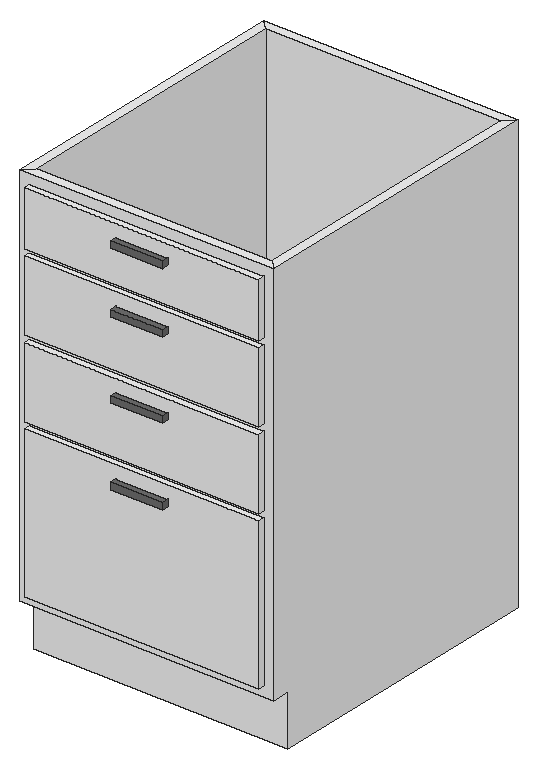
Revit family "M_Armário base-4 Gavetas", category Componentes de gabinete, Revit 2019
Family settings
  Número OmniClass = 23.40.35.17.47.11
  Título OmniClass = Kitchen Casework
  ID de item do Seek = Base Cabinet-4 Drawers-0000-CAN-ENU
  Com base no plano de trabalho = Não
  Sempre na vertical = Sim
  Corte com vazios quando carregada = Não
  Compartilhado = Não
  Ponto de cálculo do ambiente = Não
Parameters (values of type "500mm")
  Material do armário = none
  Linear = 600 mm
  Material da porta/gaveta = none
  Material do puxador = Armários - Puxadores
  Altura = 860 mm
  Profundidade da plataforma = 35 mm
  Altura do plinto = 100 mm
  Largura = 500 mm
Types (3, lengths in mm): name | Largura
  (no name) | 500
  300mm | 300
  500mm | 500
Reference planes
  plane 1 "Parte posterior": y = 0
  plane 2: z = 0
  plane 3 "Centro": x = 18.738
  plane 4 "Esquerda": x = -231.262
  plane 5 "Direita": x = 268.738
  plane 6 "Parte frontal": y = -600
  plane 7 "Superior": z = 860
  plane 8: y = -565
  plane 9: z = 100
  plane 10: z = 840.95
  plane 11: z = 119.05
  plane 12: x = -212.212
  plane 13: x = 249.688
  plane 14: z = 720.3
  plane 15: x = -32.062
  plane 16: x = 69.538
  plane 17: z = 815.55
  plane 18: z = 802.85
  plane 19: z = 567.9
  plane 20: z = 415.5
  plane 21: z = 694.9
  plane 22: z = 682.2
  plane 23: z = 542.5
  plane 24: z = 529.8
  plane 25: z = 390.1
  plane 26: z = 377.4
Forms (mm)
  Extrusion 1, solid, material <- "Material do armário"
    sketch origin (0, 0, 0) x (1, 0, 0) y (0, 1, 0)
      loop
        line (-231.262, 0) -> (-231.262, -565) -> (268.738, -565) -> (268.738, 0) -> (-231.262, 0)
    from 0 to 100
  Sweep 2, solid, material <- "Material do armário"
    path origin (0, 0, 0) x (1, 0, 0) y (0, 1, 0)
      loop
        line (268.738, 0) -> (-231.262, 0) -> (-231.262, -600) -> (268.738, -600) -> (268.738, 0)
    profile origin (0, -300, 0) x (1, 0, 0) y (0, 0, 1)
      loop
        line (268.738, 100) -> (268.738, 860) -> (249.688, 860) -> (249.688, 100) -> (268.738, 100)
  Extrusion 3, solid, material <- "Material do armário"
    sketch origin (0, 0, 0) x (1, 0, 0) y (0, 1, 0)
      loop
        line (-212.212, -19.05) -> (-212.212, -580.95) -> (249.688, -580.95) -> (249.688, -19.05) -> (-212.212, -19.05)
    from 119.05 to 100
  Extrusion 4, solid, material <- "Material da porta/gaveta"
    sketch origin (0, -600, 0) x (1, 0, 0) y (0, 0, 1)
      loop
        line (-212.212, 840.95) -> (-212.212, 733) -> (249.688, 733) -> (249.688, 840.95) -> (-212.212, 840.95)
      loop
        line (-212.212, 720.3) -> (-212.212, 580.6) -> (249.688, 580.6) -> (249.688, 720.3) -> (-212.212, 720.3)
      loop
        line (-212.212, 567.9) -> (-212.212, 428.2) -> (249.688, 428.2) -> (249.688, 567.9) -> (-212.212, 567.9)
      loop
        line (-212.212, 415.5) -> (-212.212, 119.05) -> (249.688, 119.05) -> (249.688, 415.5) -> (-212.212, 415.5)
    from 0 to 12.7
  Extrusion 5, solid, material "Armários - Puxadores" <- "Material do puxador"
    sketch origin (0, -600, 0) x (1, 0, 0) y (0, 0, 1)
      loop
        line (-32.062, 815.55) -> (-32.062, 802.85) -> (69.538, 802.85) -> (69.538, 815.55) -> (-32.062, 815.55)
      loop
        line (-32.062, 694.9) -> (-32.062, 682.2) -> (69.538, 682.2) -> (69.538, 694.9) -> (-32.062, 694.9)
      loop
        line (-32.062, 542.5) -> (-32.062, 529.8) -> (69.538, 529.8) -> (69.538, 542.5) -> (-32.062, 542.5)
      loop
        line (-32.062, 390.1) -> (-32.062, 377.4) -> (69.538, 377.4) -> (69.538, 390.1) -> (-32.062, 390.1)
    from 12.7 to 25.4
Cuts and joins
  joined: Extrusion 1, Sweep 2
Lines and regions (mm)
  Masking region 1
    outline origin (0, 0, 0) x (1, 0, 0) y (0, 1, 0)
      loop
        line (-231.262, 0) -> (-231.262, -600) -> (268.738, -600) -> (268.738, 0) -> (-231.262, 0)
  model lines
    curve 1: line (249.688, -600, 720.3) -> (-212.212, -600, 720.3)
    curve 2: line (-212.212, -600, 840.95) -> (249.688, -600, 840.95)
    curve 3: line (249.688, -600, 119.05) -> (-212.212, -600, 119.05)
    curve 4: line (249.688, -600, 840.95) -> (249.688, -600, 119.05)
    curve 5: line (-212.212, -600, 119.05) -> (-212.212, -600, 840.95)
    curve 6: line (-32.062, -600, 815.55) -> (69.538, -600, 815.55)
    curve 7: line (-32.062, -600, 802.85) -> (-32.062, -600, 815.55)
    curve 8: line (69.538, -600, 802.85) -> (-32.062, -600, 802.85)
    curve 9: line (69.538, -600, 815.55) -> (69.538, -600, 802.85)
    curve 10: line (-212.212, -600, 567.9) -> (249.688, -600, 567.9)
    curve 11: line (-32.062, -600, 694.9) -> (69.538, -600, 694.9)
    curve 12: line (-32.062, -600, 682.2) -> (-32.062, -600, 694.9)
    curve 13: line (69.538, -600, 682.2) -> (-32.062, -600, 682.2)
    curve 14: line (69.538, -600, 694.9) -> (69.538, -600, 682.2)
    curve 15: line (69.538, -600, 542.5) -> (-32.062, -600, 542.5)
    curve 16: line (69.538, -600, 529.8) -> (69.538, -600, 542.5)
    curve 17: line (-32.062, -600, 529.8) -> (69.538, -600, 529.8)
    curve 18: line (-32.062, -600, 542.5) -> (-32.062, -600, 529.8)
    curve 19: line (-212.212, -600, 415.5) -> (249.688, -600, 415.5)
    curve 20: line (69.538, -600, 390.1) -> (-32.062, -600, 390.1)
    curve 21: line (69.538, -600, 377.4) -> (69.538, -600, 390.1)
    curve 22: line (-32.062, -600, 377.4) -> (69.538, -600, 377.4)
    curve 23: line (-32.062, -600, 390.1) -> (-32.062, -600, 377.4)
Dimensions and locks
  "Linear": plane 6 "Parte frontal" to plane 1 "Parte posterior"
  "Largura": plane 4 "Esquerda" to plane 5 "Direita"
  equal spacing: plane 4 "Esquerda", plane 3 "Centro", plane 5 "Direita"
  "Altura": level to plane 7 "Superior"
  "Altura do plinto": plane 2 to plane 9
  "Profundidade da plataforma": plane 6 "Parte frontal" to plane 8
  locked: plane 4 "Esquerda" to plane 12 at 19.05
  locked: plane 13 to plane 5 "Direita" at 19.05
  locked: plane 7 "Superior" to plane 10 at 19.05
  locked: plane 11 to plane 9 at 19.05
  plane 15 to plane 3 "Centro" to plane 16 = 50.8 mm locked, 50.8 mm locked
  plane 10 to plane 17 to plane 18 = 25.4 mm locked, 12.7 mm locked
  plane 14 to plane 21 to plane 22 = 25.4 mm locked, 12.7 mm locked
  plane 19 to plane 23 to plane 24 = 25.4 mm locked, 12.7 mm locked
  plane 20 to plane 25 to plane 26 = 25.4 mm locked, 12.7 mm locked
  locked: plane 10 to plane 14 at 120.65
  locked: plane 14 to plane 19 at 152.4
  locked: plane 19 to plane 20 at 152.4
  aligned and locked: plane 1 "Parte posterior" to Extrusion 1 sketch curve
  aligned and locked: Extrusion 1 sketch curve to plane 5 "Direita"
  aligned and locked: Extrusion 1 sketch curve to plane 8
  aligned and locked: plane 4 "Esquerda" to Extrusion 1 sketch curve
  aligned and locked: Extrusion 1 to level
  aligned and locked: Sweep 2 sketch curve to plane 6 "Parte frontal"
  aligned and locked: plane 1 "Parte posterior" to Sweep 2 sketch curve
  aligned and locked: Sweep 2 sketch curve to plane 5 "Direita"  (x2)
  aligned and locked: plane 4 "Esquerda" to Sweep 2 sketch curve
  aligned and locked: plane 7 "Superior" to Sweep 2 sketch curve
  aligned and locked: plane 9 to Sweep 2 sketch curve
  aligned and locked: Sweep 2 to Extrusion 3 sketch curve  (x2)
  aligned and locked: Extrusion 3 sketch curve to Sweep 2  (x2)
  aligned and locked: plane 11 to Extrusion 3
  aligned and locked: Extrusion 3 to plane 9
  aligned and locked: plane 9 to Extrusion 1
  aligned and locked: Extrusion 4 to Extrusion 3
  aligned and locked: plane 4 "Esquerda" to Masking region 1 sketch curve
  aligned and locked: plane 1 "Parte posterior" to Masking region 1 sketch curve
  aligned and locked: Masking region 1 sketch curve to plane 5 "Direita"
  aligned and locked: Masking region 1 sketch curve to plane 6 "Parte frontal"
Automatic sketch dimensions
  profile plane to Sweep 2 sketch curve = 19.05 mm
  curve 4 to plane 10 = 0 mm
  curve 4 to plane 13 = 0 mm
  curve 20 to plane 16 = 0 mm
  curve 6 to plane 16 = 0 mm
  curve 16 to plane 16 = 0 mm
  curve 11 to plane 16 = 0 mm
  curve 7 to plane 15 = 0 mm
  curve 11 to plane 15 = 0 mm
  curve 15 to plane 15 = 0 mm
  curve 20 to plane 15 = 0 mm
  curve 10 to plane 12 = 0 mm
  curve 9 to plane 17 = 0 mm
  curve 9 to plane 18 = 0 mm
  curve 1 to plane 14 = 0 mm
  curve 12 to plane 21 = 0 mm
  curve 12 to plane 22 = 0 mm
  curve 10 to plane 19 = 0 mm
  curve 18 to plane 23 = 0 mm
  curve 16 to plane 24 = 0 mm
  curve 19 to plane 20 = 0 mm
  curve 20 to plane 25 = 0 mm
  curve 21 to plane 26 = 0 mm
  curve 3 to plane 11 = 0 mm
  Extrusion 4 sketch curve to plane 12 = 0 mm  (x4)
  Extrusion 4 sketch curve to plane 10 = 0 mm
  Extrusion 4 sketch curve to plane 13 = 0 mm  (x4)
  Extrusion 4 sketch curve to plane 20 = 0 mm
  Extrusion 4 sketch curve to plane 19 = 0 mm
  Extrusion 4 sketch curve to plane 14 = 0 mm
  Extrusion 4 sketch curve to plane 11 = 0 mm
  Extrusion 4 sketch curve to Extrusion 4 sketch curve = 12.7 mm  (x3)
  Extrusion 5 sketch curve to plane 15 = 0 mm  (x4)
  Extrusion 5 sketch curve to plane 16 = 0 mm  (x4)
  Extrusion 5 sketch curve to plane 26 = 0 mm
  Extrusion 5 sketch curve to plane 25 = 0 mm
  Extrusion 5 sketch curve to plane 24 = 0 mm
  Extrusion 5 sketch curve to plane 23 = 0 mm
  Extrusion 5 sketch curve to plane 22 = 0 mm
  Extrusion 5 sketch curve to plane 21 = 0 mm
  Extrusion 5 sketch curve to plane 18 = 0 mm
  Extrusion 5 sketch curve to plane 17 = 0 mm
